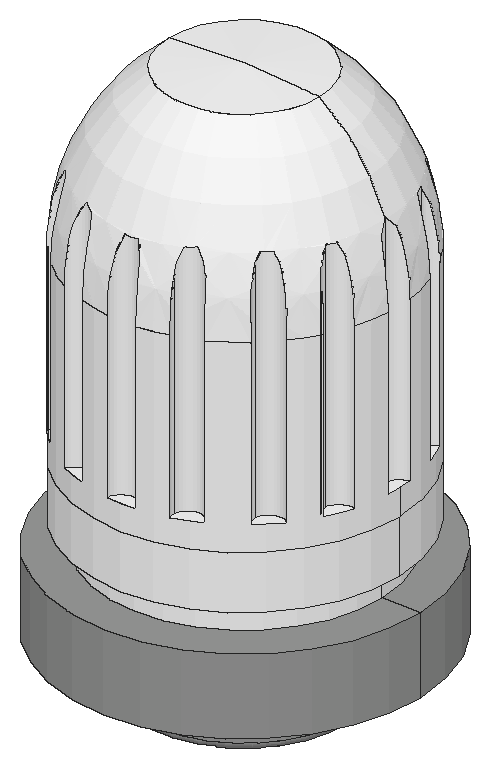
Revit family "BIMLIB_Термоголовка_TW_РОСТерм", category Арматура трубопроводов, Revit 2017
Family settings
  Размер круглого соединителя = Использовать диаметр
  Тип детали = Датчик
  На основе рабочей плоскости = Да
  Всегда вертикально = Нет
  При загрузке вырезать с полостями = Нет
  Общий = Нет
Parameters (values of type "HEIZEN TW")
  РТ_Материал_Основание = BIMLIB_Серый_пластик_РТ
  РТ_D/2 = 15.00 mm
  Default Elevation = 1219.20 mm
  K Coefficient = 0
  URL = "http://rostherm.ru"
  Изготовитель = "РОСТерм"  # constant formula
  Model = ""
  Описание = "Термостатическая головка Heizen (Хейзен) серии TW-1 устанавливается на термостатический клапан с помощью резьбового соединения, подкрученного в ручную на корпус клапана."
  Assembly Code = ""
  BL_Разработано = "support@bimlib.ru"  # constant formula
  BL_Email = "rostherm@bimlib.ru"  # constant formula
  BL_BIM library = "https://bimlib.pro/manufacturer/rosterm/1632/"
  ADSK_Примечание = ""
  ADSK_Позиция = ""
  ADSK_Обозначение [instance] = "ГОСТ 30815-2002"  # constant formula
  ADSK_Наименование краткое = "Heizen TW-1"  # constant formula
  ADSK_Наименование [instance] = "ЭКОНОМИЧНЫЙ ТЕРМОСТАТИЧЕСКИЙ ЭЛЕМЕНТ HEIZEN СЕРИИ TW"  # constant formula
  ADSK_Материал = BIMLIB_Белый_пластик_РТ
  ADSK_Масса_Текст = ""
  ADSK_Масса = 0
  ADSK_Марка [instance] = "Heizen TW-1"  # constant formula
  ADSK_Код изделия [instance] = "Heizen TW-1"  # constant formula
  ADSK_Завод-изготовитель = "Heizen"  # constant formula
  ADSK_Единица измерения = "шт."  # constant formula
  ADSK_Версия Revit = "2017"  # constant formula
  ADSK_URL страницы изделия = "http://rostherm.ru/termostatika/"
  ADSK_URL документации изделия = "http://rostherm.ru"
Reference planes
  plane 1 "Centro (Fronte/Retro)": y = 0
  plane 2: z = 0
  plane 3 "Centro (Sinistra/Destra)": x = 0
  plane 4: x = -13.305
  plane 5: z = -2.699
Forms (mm)
  Revolve 1, solid, material "BIMLIB_Серый_пластик_РТ" <- "РТ_Материал_Основание", detail levels medium+fine
    sketch origin (0, 0, 0) x (1, 0, 0) y (0, 0, 1)
      loop
        line (0, 0) -> (0, 15.54) -> (-24.955, 15.54) -> (-24.955, 4.765) -> (-12.823, 2.873) -> (-13.305, 2.158) -> (-13.305, 1.368) -> (-13, 0) -> (0, 0)
      axis (0, 15.54) -> (0, 0)
    angle from 0 to 360
  Revolve 2, solid, material "BIMLIB_Серый_пластик_РТ" <- "РТ_Материал_Основание", detail levels medium+fine
    sketch origin (0, 0, 0) x (1, 0, 0) y (0, 0, 1)
      loop
        line (-13.5, 1.732) -> (-14.414, 0.818)
        arc (-14.414, 0.818) -> (-14.848, 0.169) -> (-15, -0.596) r 2
        line (-15, -0.596) -> (-15, -1.4)
        arc (-15, -1.4) -> (-14.866, -1.9) -> (-14.5, -2.266) r 1
        line (-14.5, -2.266) -> (-13.75, -2.699) -> (0, -2.699) -> (0, 1.732) -> (-13.5, 1.732)
      axis (0, 1.732) -> (0, -2.699)
    angle from 0 to 360
  Revolve 3, solid, material "BIMLIB_Белый_пластик_РТ" <- "ADSK_Материал", detail levels medium+fine
    sketch origin (0, 0, 0.077) x (1, 0, 0) y (0, 0, 1)
      loop
        line (0, 15.463) -> (0, 23.9) -> (0, 76.638)
        arc (0, 76.638) -> (-5.366, 76.468) -> (-10.725, 76.137) r 180
        arc (-10.725, 76.137) -> (-18.998, 66.103) -> (-21.961, 53.44) r 28.543
        line (-21.961, 53.44) -> (-21.961, 26.669) -> (-21.961, 19.052) -> (-19.519, 19.052) -> (-19.519, 15.463) -> (0, 15.463)
      axis (0, 76.638) -> (0, 15.463)
    angle from 0 to 360
  Extrusion 4, void
    sketch origin (5.658, 0, -0.169) x (1, 0, 0) y (0, 1, 0)
      loop
        circle (-5.658, 21.88) r 2
      loop
        circle (16.24, 0.018) r 2
      loop
        circle (9.961, 15.281) r 2
      loop
        circle (2.394, 20.228) r 2
      loop
        circle (14.542, 8.542) r 2
      loop
        circle (-21.277, 15.281) r 2
      loop
        circle (-13.71, 20.228) r 2
      loop
        circle (-25.858, 8.542) r 2
      loop
        circle (-27.556, 0.018) r 2
      loop
        circle (-5.658, -21.88) r 2
      loop
        circle (9.961, -15.281) r 2
      loop
        circle (2.394, -20.228) r 2
      loop
        circle (14.542, -8.542) r 2
      loop
        circle (-21.277, -15.281) r 2
      loop
        circle (-13.71, -20.228) r 2
      loop
        circle (-25.858, -8.542) r 2
    from 30.499 to 86.893
Cuts and joins
  Extrusion 4 cuts Revolve 1
  Extrusion 4 cuts Revolve 3
Dimensions and locks
  "РТ_D/2": plane 3 "Centro (Sinistra/Destra)" to Revolve 2 sketch curve
  Revolve 2 sketch curve to Revolve 2 sketch curve = 4.431 mm
  aligned and locked: level to plane 2
  aligned and locked: Revolve 1 sketch curve to Revolve 1 sketch curve
  aligned and locked: Revolve 2 sketch curve to Revolve 2 sketch curve
  aligned and locked: Revolve 3 sketch curve to Revolve 3 sketch curve
  aligned and locked: Revolve 3 sketch curve to Revolve 1
Automatic sketch dimensions
  Revolve 1 sketch curve to plane 4 = 0.00 mm
  Revolve 1 sketch curve to level = 0.00 mm  (x2)
  Revolve 1 sketch curve to plane 3 "Centro (Sinistra/Destra)" = 0.00 mm
  level to Revolve 1 sketch curve = 4.765 mm
  Revolve 1 sketch curve to plane 4 = 11.649 mm
  plane 4 to Revolve 1 sketch curve = 0.305 mm
  plane 4 to Revolve 1 sketch curve = 0.483 mm
  level to Revolve 1 sketch curve = 1.368 mm
  Revolve 1 sketch curve to Revolve 1 sketch curve = 0.79 mm
  Revolve 1 sketch curve to Revolve 1 sketch curve = 0.715 mm
  level to Revolve 1 sketch curve = 15.54 mm
  Revolve 1 sketch curve to Revolve 1 sketch curve = 21.96 mm
  Revolve 3 sketch curve to plane 3 "Centro (Sinistra/Destra)" = 0.00 mm
  Revolve 3 sketch curve to plane 3 "Centro (Sinistra/Destra)" = 19.519 mm
  Revolve 3 sketch curve to Revolve 3 sketch curve = 2.442 mm
  plane 3 "Centro (Sinistra/Destra)" to Revolve 3 sketch curve = 3.039 mm
  plane 3 "Centro (Sinistra/Destra)" to Revolve 3 sketch curve = 6.582 mm
  Revolve 3 sketch curve to Revolve 3 sketch curve = 3.59 mm
  Revolve 3 sketch curve to Revolve 3 sketch curve = 8.437 mm
  Revolve 3 sketch curve to Revolve 3 sketch curve = 7.616 mm
  Revolve 3 sketch curve to Revolve 3 sketch curve = 29.54 mm
  Revolve 3 sketch curve to Revolve 3 sketch curve = 23.198 mm
  Revolve 3 sketch curve to plane 3 "Centro (Sinistra/Destra)" = 10.725 mm
  Revolve 3 sketch curve to Revolve 3 sketch curve = 0.437 mm
  Revolve 3 sketch curve to Revolve 3 sketch curve = 2.938 mm
  Extrusion 4 sketch curve to plane 3 "Centro (Sinistra/Destra)" = 0.00 mm  (x2)
  Extrusion 4 sketch curve to plane 3 "Centro (Sinistra/Destra)" = 8.052 mm  (x2)
  Extrusion 4 sketch curve to Extrusion 4 sketch curve = 7.567 mm  (x4)
  Extrusion 4 sketch curve to Extrusion 4 sketch curve = 4.581 mm  (x4)
  Extrusion 4 sketch curve to plane 1 "Centro (Fronte/Retro)" = 0.018 mm  (x2)
  Extrusion 4 sketch curve to Extrusion 4 sketch curve = 1.698 mm  (x2)
  plane 3 "Centro (Sinistra/Destra)" to Extrusion 4 sketch curve = 8.052 mm  (x2)
  plane 1 "Centro (Fronte/Retro)" to Extrusion 4 sketch curve = 8.542 mm  (x2)
  Extrusion 4 sketch curve to Extrusion 4 sketch curve = 6.74 mm  (x4)
  Extrusion 4 sketch curve to Extrusion 4 sketch curve = 4.946 mm  (x4)
  Extrusion 4 sketch curve to Extrusion 4 sketch curve = 1.652 mm  (x2)
  Extrusion 4 sketch curve to plane 1 "Centro (Fronte/Retro)" = 8.542 mm  (x2)
  Revolve 2 sketch curve to plane 5 = 0.00 mm
  Revolve 2 sketch curve to plane 3 "Centro (Sinistra/Destra)" = 0.00 mm
  plane 5 to Revolve 2 sketch curve = 0.433 mm
  Revolve 2 sketch curve to Revolve 2 sketch curve = 0.50 mm  (x2)
  level to Revolve 2 sketch curve = 0.818 mm
  Revolve 2 sketch curve to Revolve 2 sketch curve = 0.586 mm
  Revolve 2 sketch curve to Revolve 2 sketch curve = 0.75 mm
  Revolve 2 sketch curve to Revolve 2 sketch curve = 0.914 mm
  Revolve 2 sketch curve to level = 0.596 mm
  Revolve 2 sketch curve to plane 5 = 3.301 mm
  Revolve 2 sketch curve to Revolve 2 sketch curve = 4.268 mm
  radius of Extrusion 4 sketch curve = 2.00 mm  (x16)
